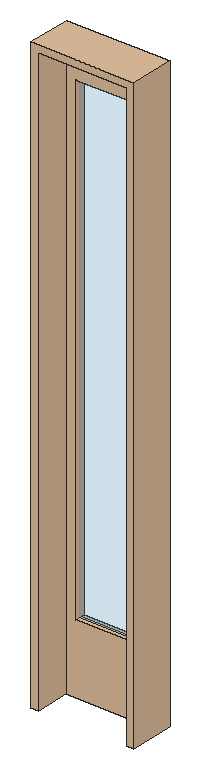
Revit family "76fbb7dbad1d4b5ba59c616191b91657", category Doors, host Wall, Revit 2021
Family settings
  Host = Wall
  OmniClass Number = 23.30.10.14
  OmniClass Title = Passage Doors by Material
  Always vertical = Yes
  Cut with Voids When Loaded = No
  Shared = No
  Room Calculation Point = No
Parameters (values of type "12" x 80"")
  Visual Light Transmittance = 0
  Trim Material = Cherry
  Top Rail = 4 3/4"
  Thickness = 1 3/8"
  Thermal Resistance (R) = 1.0696 (h·ft²·°F)/BTU
  Stiles = 1 3/8"
  Solar Heat Gain Coefficient = 0
  Rough Width = Width + 2"  # 14"
  Rough Height = Height + 1"  # 81"
  Panel Material = Cherry
  Height = 80"
  Wall Closure = By host
  Width = 12"
  Heat Transfer Coefficient (U) = 0.9350 BTU/(h·ft²·°F)
  Glazing = Glass
  Function = Exterior
  Frame Material = Cherry
  Door Offset [instance] = 0"
  Bottom Rail = 9 1/2"
  Construction Type = ""
  Assembly Code = "B2030100"
  Analytic Construction = "French door, wood frame with single glass"
Reference planes (in)
  plane 1 "Center (Front/Back)": y = 0
  plane 2 "Center (Left/Right)": x = 0
  plane 3 "Left": x = -7
  plane 4 "Right": x = 7
  plane 5 "Top": z = 81
  plane 6 "Door Offset": y = 2.875
  plane 7 "Interior": y = -3.125
  plane 8 "Door Panel Left": x = -6
  plane 9 "Door Panel Right": x = 6
  plane 10 "Top Of Panel": z = 80
  plane 11: z = 0
  plane 12: z = 0
  plane 13: x = 6.75
  plane 14: y = 1.5
  plane 15: y = 0.125
  plane 16: x = 5.5
  plane 17: y = 1.5
  plane 18: z = 40
  plane 19: z = 75.25
  plane 20 "2": x = -4.625
  plane 21: y = 2.05
  plane 22: y = 2.325
  plane 23: y = 1.775
  plane 24: y = 2.6
  plane 25: z = 40
  plane 26: z = 0
  plane 27 "1": x = 4.625
  plane 28: x = -0.6875
  plane 29: x = 0.6875
  plane 30: z = 38.625
  plane 31: x = 4
  plane 32: y = 1.95833
  plane 33: y = 2.41667
  plane 34: z = 9.5
  plane 35: y = 2.1875
  plane 36 "Exterior": y = 2.875
Forms (in)
  Sweep 1, solid, material "Cherry" <- "Frame Material"
    path origin (0, 0, 0) x (1, 0, 0) y (0, 0, 1)
      loop
        line (7, 0) -> (7, 81) -> (-7, 81) -> (-7, 0)
    profile origin (7, 0, 40.5) x (-1, 0, 0) y (0, -1, 0)
      loop
        line (1, -2.875) -> (1, 3.125) -> (0, 3.125) -> (0, -2.875) -> (1, -2.875)
  Extrusion 2, solid, material "Cherry" <- "Panel Material"
    sketch origin (0, 0, 0) x (1, 0, 0) y (0, 0, 1)
      loop
        line (6, 80) -> (-6, 80) -> (-6, 0) -> (6, 0) -> (6, 80)
      loop
        line (-4.625, 75.25) -> (-4.625, 9.5) -> (4.625, 9.5) -> (4.625, 75.25) -> (-4.625, 75.25)
    from -2.875 to -1.5
  Extrusion 3, solid, material "Glass" <- "Glazing"
    sketch origin (0, 0, 0) x (1, 0, 0) y (0, 0, 1)
      loop
        line (-4.625, 75.25) -> (-4.625, 9.5) -> (4.625, 9.5) -> (4.625, 75.25) -> (-4.625, 75.25)
    from -2.325 to -2.05
Lines and regions (in)
  Opening 1
    outline origin (-90, -3.125, 0) x (1, 0, 0) y (0, 0, 1)
      loop
        line (83, 0) -> (97, 0) -> (97, 81) -> (83, 81) -> (83, 0)
  Masking region 1
    outline origin (0, 0, 0) x (1, 0, 0) y (0, 1, 0)
      loop
        line (-7, 2.875) -> (-7, -3.125) -> (-6, -3.125) -> (-6, 2.875) -> (-7, 2.875)
      loop
        line (7, 2.875) -> (6, 2.875) -> (6, -3.125) -> (7, -3.125) -> (7, 2.875)
  Masking region 2
    outline origin (0, 0, 0) x (0, 1, 0) y (0, 0, 1)
      loop
        line (2.875, 81) -> (-3.125, 81) -> (-3.125, 80.75) -> (2.875, 80.75) -> (2.875, 81)
  Masking region 3
    outline origin (0, 0, 0) x (1, 0, 0) y (0, 1, 0)
      loop
        line (-6, 2.875) -> (-6, 1.5) -> (6, 1.5) -> (6, 2.875) -> (-6, 2.875)
  model lines, style "DoorsGlassProjection"
    curve 1: line (4.625, 2.1875, 75.25) -> (4.625, 2.1875, 9.5)
    curve 2: line (-4.625, 2.1875, 75.25) -> (-4.625, 2.1875, 9.5)
  symbolic lines, style "DoorsGlassProjection"
    curve 3: line (-6, 2.1875, 0) -> (6, 2.1875, 0)
Text (in)
  text "Exterior" at (-74.96733, 27.31104, 0), in view "Ref. Level"
  text "Interior" at (-74.96733, -25.14366, 0), in view "Ref. Level"
  text "Exterior" at (0, 40.15149, 123.01588), in view "Right"
  text "Interior" at (0, -64.39139, 123.01588), in view "Right"
  text "Interior" at (0, -31.01599, 123.00693), in view "Left"
  text "Exterior" at (0, 54.57065, 123.00693), in view "Left"
Dimensions and locks (in)
  equal spacing: plane 3 "Left", plane 2 "Center (Left/Right)", plane 4 "Right"
  "Rough Height": level to plane 5 "Top"
  equal spacing: plane 8 "Door Panel Left", plane 2 "Center (Left/Right)", plane 9 "Door Panel Right"
  "Width": plane 8 "Door Panel Left" to plane 9 "Door Panel Right"
  "Height": level to plane 10 "Top Of Panel"
  plane 11 to plane 12 = 0"
  locked: plane 13 to plane 4 "Right" at 0.25
  "Thickness": plane 14 to plane 6 "Door Offset"
  locked: plane 14 to plane 15 at 1.375
  locked: plane 16 to plane 9 "Door Panel Right" at 0.5
  "Thickness": plane 6 "Door Offset" to plane 17
  "Rough Width": plane 3 "Left" to plane 4 "Right"
  "Top Rail": plane 19 to plane 10 "Top Of Panel"
  "Stiles": plane 8 "Door Panel Left" to plane 20 "2"
  equal spacing: plane 11, plane 25, plane 10 "Top Of Panel"
  plane 22 to plane 21 = 0.275"
  plane 12 to plane 26 = 0"
  "Stiles": plane 27 "1" to plane 9 "Door Panel Right"
  "Stiles": plane 30 to plane 25
  "Stiles": plane 29 to plane 28
  equal spacing: plane 29, plane 2 "Center (Left/Right)", plane 28
  plane 31 to plane 4 "Right" = 3"
  equal spacing: plane 17, plane 23, plane 21, plane 22, plane 24, plane 6 "Door Offset"
  equal spacing: plane 17, plane 32, plane 33, plane 6 "Door Offset"
  "Bottom Rail": plane 26 to plane 34
  equal spacing: plane 22, plane 35, plane 21
  equal spacing: plane 17, curve 3, plane 6 "Door Offset"
  "Door Offset": plane 36 "Exterior" to plane 6 "Door Offset"
  aligned and locked: plane 3 "Left" to Opening 1 sketch curve
  aligned and locked: plane 5 "Top" to Opening 1 sketch curve  (x2)
  aligned and locked: Opening 1 sketch curve to plane 4 "Right"
  aligned and locked: Opening 1 sketch curve to level
  aligned and locked: plane 7 "Interior" to host wall
  aligned and locked: plane 5 "Top" to Sweep 1 sketch curve
  aligned and locked: plane 4 "Right" to Sweep 1 sketch curve
  aligned and locked: Sweep 1 sketch curve to plane 3 "Left"
  aligned and locked: plane 11 to level
  aligned and locked: plane 11 to Sweep 1 sketch curve  (x2)
  aligned and locked: Sweep 1 sketch curve to plane 9 "Door Panel Right"
  aligned and locked: Sweep 1 sketch curve to plane 7 "Interior"
  aligned and locked: Extrusion 2 sketch curve to plane 10 "Top Of Panel"
  aligned and locked: Extrusion 2 sketch curve to plane 8 "Door Panel Left"
  aligned and locked: Extrusion 2 to plane 17
  aligned and locked: Extrusion 2 to plane 6 "Door Offset"
  aligned and locked: Extrusion 2 sketch curve to plane 20 "2"
  aligned and locked: Extrusion 3 sketch curve to plane 20 "2"
  aligned and locked: plane 22 to Extrusion 3
  aligned and locked: Extrusion 3 to plane 21
  aligned and locked: Masking region 1 sketch curve to plane 3 "Left"
  aligned and locked: plane 8 "Door Panel Left" to Masking region 1 sketch curve
  aligned and locked: Masking region 1 sketch curve to plane 7 "Interior"
  aligned and locked: plane 6 "Door Offset" to Masking region 1 sketch curve
  aligned and locked: plane 9 "Door Panel Right" to Masking region 1 sketch curve
  aligned and locked: Masking region 1 sketch curve to plane 4 "Right"
  aligned and locked: plane 7 "Interior" to Masking region 1 sketch curve
  aligned and locked: Masking region 1 sketch curve to plane 6 "Door Offset"
  aligned and locked: host wall to Sweep 1 sketch curve
  aligned and locked: Masking region 2 sketch curve to host wall
  aligned and locked: host wall to Masking region 2 sketch curve
  aligned and locked: plane 7 "Interior" to Masking region 2 sketch curve
  aligned and locked: Extrusion 3 sketch curve to plane 27 "1"
  aligned and locked: plane 19 to Extrusion 2
  aligned and locked: plane 25 to plane 18
  aligned and locked: plane 34 to Extrusion 2
  aligned and locked: Extrusion 3 to plane 34
  aligned and locked: Masking region 3 sketch curve to Extrusion 2  (x3)
  aligned and locked: Sweep 1 to Masking region 3 sketch curve
  aligned and locked: curve 1 to plane 35
  aligned and locked: plane 19 to curve 1
  aligned and locked: plane 34 to curve 1
  aligned and locked: curve 2 to plane 35
  aligned and locked: plane 19 to curve 2
  aligned and locked: plane 34 to curve 2
  aligned and locked: plane 8 "Door Panel Left" to curve 3
  aligned and locked: plane 9 "Door Panel Right" to curve 3
  aligned and locked: host wall to plane 36 "Exterior"
  aligned and locked: plane 6 "Door Offset" to Sweep 1 sketch curve
Automatic sketch dimensions
  plane 5 "Top" to Masking region 2 sketch curve = 1/4"
  plane 27 "1" to Extrusion 2 sketch curve = 0"
  plane 9 "Door Panel Right" to Extrusion 2 sketch curve = 0"
  Extrusion 2 sketch curve to plane 26 = 0"
  Extrusion 2 sketch curve to plane 19 = 0"
  Extrusion 2 sketch curve to plane 26 = 9 1/2"
  Extrusion 3 sketch curve to plane 19 = 0"
  Extrusion 3 sketch curve to plane 34 = 0"
